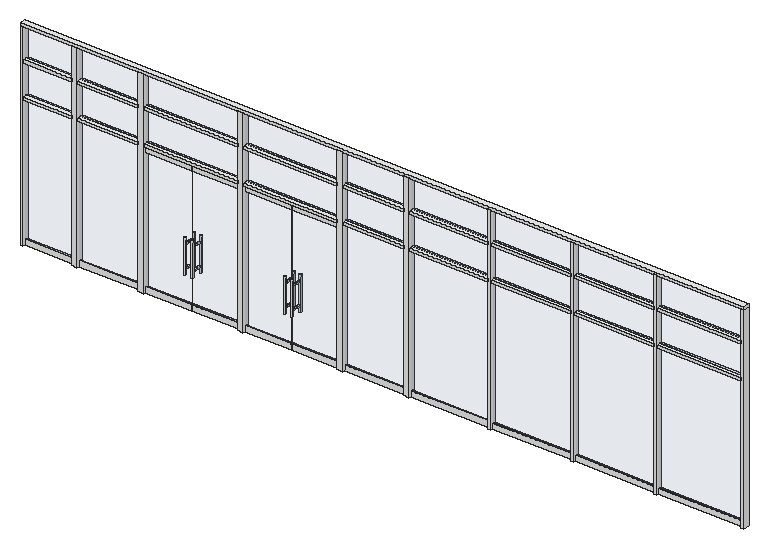
Revit family
Parameters
  프레임 투영 외부. = 25 mm
  프레임 투영 내부. = 25 mm
  프레임 폭 = 75 mm
  Height = 3600 mm
  Wall Closure = (empty or 0)
  Width = 13080 mm
  문 폭 = 1800 mm
  문 두께 = 100 mm
  문 패널 = SSD6 문 패널
  문 높이 = 2400 mm
  문 핸들 = 금속 - 크롬(2)
  문 프레임 = SSD6 문 프레임
Reference planes
  plane 1: y = 0
  plane 2 "왼쪽": x = -7765
  plane 3 "오른쪽": x = 5315
  plane 4: z = 3600
  plane 5 "외부": y = 75
  plane 6 "내부": y = -75
  plane 7: x = -7715
  plane 8: y = 50
  plane 9: y = -50
  plane 10: z = 3550
  plane 11: z = 2375
  plane 12: z = 2425
  plane 13: z = 2275
  plane 14: z = 100
  plane 15: y = 6
  plane 16: y = -6
  plane 17: y = 16
  plane 18: y = -16
  plane 19: x = -1225
  plane 20: z = 600
  plane 21: z = 1200
  plane 22: z = 2400
  plane 23: z = 3000
  plane 24: z = 2975
  plane 25: z = 3025
  plane 26: x = -1985
  plane 27: x = -7715
  plane 28: x = -2035
  plane 29: x = -2820
  plane 30: x = -2950
  plane 31: x = -3785
  plane 32: x = -4685
  plane 33: x = -4620
  plane 34: x = -4750
  plane 35: x = -5535
  plane 36: x = -5585
  plane 37: x = -2885
  plane 38: x = -6785
  plane 39: x = -5635
  plane 40: x = -785
  plane 41: x = 715
  plane 42: x = 2215
  plane 43: x = 3715
  plane 44: x = -1935
  plane 45: x = -3835
  plane 46: x = -3735
  plane 47: x = -735
  plane 48: x = -835
  plane 49: x = 690
  plane 50: x = 740
  plane 51: x = 2190
  plane 52: x = 2240
  plane 53: x = 3740
  plane 54: x = 3690
  plane 55: x = 5265
  plane 56: x = -6835
  plane 57: x = -6735
Forms (mm)
  Extrusion 1, solid, material "SSD6 문 프레임" <- "문 프레임"
    sketch origin (-2581.693, 300, 3000) x (0, 1, 0) y (1, 0, 0)
      loop
        line (-250, -5183.307) -> (-250, -5133.307) -> (-350, -5133.307) -> (-350, -5183.307) -> (-250, -5183.307)
      loop
        line (-250, -4253.307) -> (-250, -4153.307) -> (-350, -4153.307) -> (-350, -4253.307) -> (-250, -4253.307)
      loop
        line (-250, -3053.307) -> (-250, -2953.307) -> (-350, -2953.307) -> (-350, -3053.307) -> (-250, -3053.307)
      loop
        line (-250, -1253.307) -> (-250, -1153.307) -> (-350, -1153.307) -> (-350, -1253.307) -> (-250, -1253.307)
      loop
        line (-250, 546.693) -> (-250, 646.693) -> (-350, 646.693) -> (-350, 546.693) -> (-250, 546.693)
      loop
        line (-250, 1746.693) -> (-250, 1846.693) -> (-350, 1846.693) -> (-350, 1746.693) -> (-250, 1746.693)
      loop
        line (-250, 3271.693) -> (-250, 3321.693) -> (-350, 3321.693) -> (-350, 3271.693) -> (-250, 3271.693)
      loop
        line (-250, 4771.693) -> (-250, 4821.693) -> (-350, 4821.693) -> (-350, 4771.693) -> (-250, 4771.693)
      loop
        line (-250, 6271.693) -> (-250, 6321.693) -> (-350, 6321.693) -> (-350, 6271.693) -> (-250, 6271.693)
      loop
        line (-250, 7846.693) -> (-250, 7896.693) -> (-350, 7896.693) -> (-350, 7846.693) -> (-250, 7846.693)
    from -550 to 3000
  Extrusion 2, solid, material "SSD6 문 프레임" <- "문 프레임"
    sketch origin (-2581.693, 300, 3000) x (0, 1, 0) y (1, 0, 0)
      loop
        line (-250, -5183.307) -> (-250, 7896.693) -> (-350, 7896.693) -> (-350, -5183.307) -> (-250, -5183.307)
    from -600 to -550
  Extrusion 3, solid, material "SSD6 문 프레임" <- "문 프레임"
    sketch origin (3388.377, 300, 100) x (1, 0, 0) y (0, 1, 0)
      loop
        line (-11103.377, -284) -> (-11103.377, -294) -> (-10223.377, -294) -> (-10223.377, -284) -> (-11103.377, -284)
      loop
        line (-11103.377, -316) -> (-10223.377, -316) -> (-10223.377, -306) -> (-11103.377, -306) -> (-11103.377, -316)
    from -100 to 0
  Extrusion 4, solid, material "SSD6 문 프레임" <- "문 프레임"
    sketch origin (3388.377, 300, 100) x (1, 0, 0) y (0, 1, 0)
      loop
        line (-10123.377, -294) -> (-9023.377, -294) -> (-9023.377, -284) -> (-10123.377, -284) -> (-10123.377, -294)
      loop
        line (-10123.377, -316) -> (-9023.377, -316) -> (-9023.377, -306) -> (-10123.377, -306) -> (-10123.377, -316)
    from -100 to 0
  Extrusion 5, solid, material "SSD6 문 프레임" <- "문 프레임"
    sketch origin (3388.377, 300, 100) x (1, 0, 0) y (0, 1, 0)
      loop
        line (-8923.377, -294) -> (-8073.377, -294) -> (-8073.377, -284) -> (-8923.377, -284) -> (-8923.377, -294)
      loop
        line (-8923.377, -316) -> (-8073.377, -316) -> (-8073.377, -306) -> (-8923.377, -306) -> (-8923.377, -316)
    from -100 to 0
  Extrusion 6, solid, material "SSD6 문 프레임" <- "문 프레임"
    sketch origin (3388.377, 300, 100) x (1, 0, 0) y (0, 1, 0)
      loop
        line (-8073.377, -294) -> (-7223.377, -294) -> (-7223.377, -284) -> (-8073.377, -284) -> (-8073.377, -294)
      loop
        line (-8073.377, -316) -> (-7223.377, -316) -> (-7223.377, -306) -> (-8073.377, -306) -> (-8073.377, -316)
    from -100 to 0
  Extrusion 7, solid, material "SSD6 문 프레임" <- "문 프레임"
    sketch origin (3388.377, 300, 100) x (1, 0, 0) y (0, 1, 0)
      loop
        line (-7123.377, -294) -> (-6273.377, -294) -> (-6273.377, -284) -> (-7123.377, -284) -> (-7123.377, -294)
      loop
        line (-7123.377, -316) -> (-6273.377, -316) -> (-6273.377, -306) -> (-7123.377, -306) -> (-7123.377, -316)
    from -100 to 0
  Extrusion 8, solid, material "SSD6 문 프레임" <- "문 프레임"
    sketch origin (3388.377, 300, 100) x (1, 0, 0) y (0, 1, 0)
      loop
        line (-6273.377, -294) -> (-5423.377, -294) -> (-5423.377, -284) -> (-6273.377, -284) -> (-6273.377, -294)
      loop
        line (-6273.377, -306) -> (-6273.377, -316) -> (-5423.377, -316) -> (-5423.377, -306) -> (-6273.377, -306)
    from -100 to 0
  Extrusion 9, solid, material "SSD6 문 프레임" <- "문 프레임"
    sketch origin (3388.377, 300, 100) x (1, 0, 0) y (0, 1, 0)
      loop
        line (-5323.377, -284) -> (-5323.377, -294) -> (-4223.377, -294) -> (-4223.377, -284) -> (-5323.377, -284)
      loop
        line (-5323.377, -316) -> (-4223.377, -316) -> (-4223.377, -306) -> (-5323.377, -306) -> (-5323.377, -316)
    from -100 to 0
  Extrusion 10, solid, material "SSD6 문 프레임" <- "문 프레임"
    sketch origin (3388.377, 300, 100) x (1, 0, 0) y (0, 1, 0)
      loop
        line (-4123.377, -294) -> (-2698.377, -294) -> (-2698.377, -284) -> (-4123.377, -284) -> (-4123.377, -294)
      loop
        line (-4123.377, -316) -> (-2698.377, -316) -> (-2698.377, -306) -> (-4123.377, -306) -> (-4123.377, -316)
    from -100 to 0
  Extrusion 11, solid, material "SSD6 문 프레임" <- "문 프레임"
    sketch origin (3388.377, 300, 100) x (1, 0, 0) y (0, 1, 0)
      loop
        line (-2648.377, -294) -> (-1198.377, -294) -> (-1198.377, -284) -> (-2648.377, -284) -> (-2648.377, -294)
      loop
        line (-2648.377, -316) -> (-1198.377, -316) -> (-1198.377, -306) -> (-2648.377, -306) -> (-2648.377, -316)
    from -100 to 0
  Extrusion 12, solid, material "SSD6 문 프레임" <- "문 프레임"
    sketch origin (3388.377, 300, 100) x (1, 0, 0) y (0, 1, 0)
      loop
        line (-1148.377, -294) -> (301.623, -294) -> (301.623, -284) -> (-1148.377, -284) -> (-1148.377, -294)
      loop
        line (-1148.377, -316) -> (301.623, -316) -> (301.623, -306) -> (-1148.377, -306) -> (-1148.377, -316)
    from -100 to 0
  Extrusion 13, solid, material "SSD6 문 프레임" <- "문 프레임"
    sketch origin (3388.377, 300, 100) x (1, 0, 0) y (0, 1, 0)
      loop
        line (351.623, -294) -> (1876.623, -294) -> (1876.623, -284) -> (351.623, -284) -> (351.623, -294)
      loop
        line (351.623, -316) -> (1876.623, -316) -> (1876.623, -306) -> (351.623, -306) -> (351.623, -316)
    from -100 to 0
  Extrusion 14, solid, material "SSD6 문 패널" <- "문 패널"
    sketch origin (3388.377, 300, 100) x (1, 0, 0) y (0, 1, 0)
      loop
        line (-11103.377, -294) -> (-11103.377, -306) -> (-10223.377, -306) -> (-10223.377, -294) -> (-11103.377, -294)
      loop
        line (-10123.377, -306) -> (-9023.377, -306) -> (-9023.377, -294) -> (-10123.377, -294) -> (-10123.377, -306)
      loop
        line (-5323.377, -306) -> (-4223.377, -306) -> (-4223.377, -294) -> (-5323.377, -294) -> (-5323.377, -306)
      loop
        line (-4123.377, -306) -> (-2698.377, -306) -> (-2698.377, -294) -> (-4123.377, -294) -> (-4123.377, -306)
      loop
        line (-2648.377, -306) -> (-1198.377, -306) -> (-1198.377, -294) -> (-2648.377, -294) -> (-2648.377, -306)
      loop
        line (-1148.377, -306) -> (301.623, -306) -> (301.623, -294) -> (-1148.377, -294) -> (-1148.377, -306)
      loop
        line (351.623, -306) -> (1876.623, -306) -> (1876.623, -294) -> (351.623, -294) -> (351.623, -306)
    from -100 to 2275
  Extrusion 15, solid, material "SSD6 문 패널" <- "문 패널"
    sketch origin (3388.377, 300, 100) x (1, 0, 0) y (0, 1, 0)
      loop
        line (-8923.377, -306) -> (-8073.377, -306) -> (-8073.377, -294) -> (-8923.377, -294) -> (-8923.377, -306)
    from -100 to 2275
  Extrusion 16, solid, material "SSD6 문 패널" <- "문 패널"
    sketch origin (3388.377, 300, 100) x (1, 0, 0) y (0, 1, 0)
      loop
        line (-8073.377, -306) -> (-7223.377, -306) -> (-7223.377, -294) -> (-8073.377, -294) -> (-8073.377, -306)
    from -100 to 2275
  Extrusion 17, solid, material "SSD6 문 패널" <- "문 패널"
    sketch origin (3388.377, 300, 100) x (1, 0, 0) y (0, 1, 0)
      loop
        line (-7123.377, -294) -> (-7123.377, -306) -> (-6273.377, -306) -> (-6273.377, -294) -> (-7123.377, -294)
    from -100 to 2275
  Extrusion 18, solid, material "SSD6 문 패널" <- "문 패널"
    sketch origin (3388.377, 300, 100) x (1, 0, 0) y (0, 1, 0)
      loop
        line (-6273.377, -306) -> (-5423.377, -306) -> (-5423.377, -294) -> (-6273.377, -294) -> (-6273.377, -306)
    from -100 to 2275
  Extrusion 19, solid, material "SSD6 문 프레임" <- "문 프레임"
    sketch origin (-2581.693, 300, 2275) x (0, 1, 0) y (1, 0, 0)
      loop
        line (-294, -2953.307) -> (-284, -2953.307) -> (-284, -2103.307) -> (-294, -2103.307) -> (-294, -2953.307)
      loop
        line (-316, -2953.307) -> (-306, -2953.307) -> (-306, -2103.307) -> (-316, -2103.307) -> (-316, -2953.307)
    from 0 to -100
  Extrusion 20, solid, material "SSD6 문 프레임" <- "문 프레임"
    sketch origin (-2581.693, 300, 2275) x (0, 1, 0) y (1, 0, 0)
      loop
        line (-294, -2103.307) -> (-284, -2103.307) -> (-284, -1253.307) -> (-294, -1253.307) -> (-294, -2103.307)
      loop
        line (-316, -2103.307) -> (-306, -2103.307) -> (-306, -1253.307) -> (-316, -1253.307) -> (-316, -2103.307)
    from 0 to -100
  Extrusion 21, solid, material "SSD6 문 프레임" <- "문 프레임"
    sketch origin (-2581.693, 300, 2275) x (0, 1, 0) y (1, 0, 0)
      loop
        line (-294, -1153.307) -> (-284, -1153.307) -> (-284, -303.307) -> (-294, -303.307) -> (-294, -1153.307)
      loop
        line (-316, -1153.307) -> (-306, -1153.307) -> (-306, -303.307) -> (-316, -303.307) -> (-316, -1153.307)
    from 0 to -100
  Extrusion 22, solid, material "SSD6 문 프레임" <- "문 프레임"
    sketch origin (-2581.693, 300, 2275) x (0, 1, 0) y (1, 0, 0)
      loop
        line (-294, -303.307) -> (-284, -303.307) -> (-284, 546.693) -> (-294, 546.693) -> (-294, -303.307)
      loop
        line (-316, -303.307) -> (-306, -303.307) -> (-306, 546.693) -> (-316, 546.693) -> (-316, -303.307)
    from 0 to -100
  Extrusion 23, solid, material "SSD6 문 프레임" <- "문 프레임"
    sketch origin (-2581.693, 300, 2425) x (0, 1, 0) y (1, 0, 0)
      loop
        line (-250, -5133.307) -> (-250, -4253.307) -> (-350, -4253.307) -> (-350, -5133.307) -> (-250, -5133.307)
      loop
        line (-350, -4153.307) -> (-250, -4153.307) -> (-250, -3053.307) -> (-350, -3053.307) -> (-350, -4153.307)
      loop
        line (-350, -2953.307) -> (-250, -2953.307) -> (-250, -1253.307) -> (-350, -1253.307) -> (-350, -2953.307)
      loop
        line (-350, -1153.307) -> (-250, -1153.307) -> (-250, 546.693) -> (-350, 546.693) -> (-350, -1153.307)
      loop
        line (-350, 646.693) -> (-250, 646.693) -> (-250, 1746.693) -> (-350, 1746.693) -> (-350, 646.693)
      loop
        line (-350, 1846.693) -> (-250, 1846.693) -> (-250, 3271.693) -> (-350, 3271.693) -> (-350, 1846.693)
      loop
        line (-350, 3321.693) -> (-250, 3321.693) -> (-250, 4771.693) -> (-350, 4771.693) -> (-350, 3321.693)
      loop
        line (-350, 4821.693) -> (-250, 4821.693) -> (-250, 6271.693) -> (-350, 6271.693) -> (-350, 4821.693)
      loop
        line (-350, 6321.693) -> (-250, 6321.693) -> (-250, 7846.693) -> (-350, 7846.693) -> (-350, 6321.693)
    from 0 to 50
  Extrusion 24, solid, material "SSD6 문 패널" <- "문 패널"
    sketch origin (-2581.693, 300, 2975) x (0, 1, 0) y (1, 0, 0)
      loop
        line (-306, -5133.307) -> (-294, -5133.307) -> (-294, -4253.307) -> (-306, -4253.307) -> (-306, -5133.307)
      loop
        line (-306, -4153.307) -> (-294, -4153.307) -> (-294, -3053.307) -> (-306, -3053.307) -> (-306, -4153.307)
      loop
        line (-306, -2953.307) -> (-294, -2953.307) -> (-294, -1253.307) -> (-306, -1253.307) -> (-306, -2953.307)
      loop
        line (-306, -1153.307) -> (-294, -1153.307) -> (-294, 546.693) -> (-306, 546.693) -> (-306, -1153.307)
      loop
        line (-306, 646.693) -> (-294, 646.693) -> (-294, 1746.693) -> (-306, 1746.693) -> (-306, 646.693)
      loop
        line (-306, 1846.693) -> (-294, 1846.693) -> (-294, 3271.693) -> (-306, 3271.693) -> (-306, 1846.693)
      loop
        line (-306, 3321.693) -> (-294, 3321.693) -> (-294, 4771.693) -> (-306, 4771.693) -> (-306, 3321.693)
      loop
        line (-306, 4821.693) -> (-294, 4821.693) -> (-294, 6271.693) -> (-306, 6271.693) -> (-306, 4821.693)
      loop
        line (-306, 6321.693) -> (-294, 6321.693) -> (-294, 7846.693) -> (-306, 7846.693) -> (-306, 6321.693)
    from 0 to 550
  Extrusion 25, solid, material "SSD6 문 프레임" <- "문 프레임"
    sketch origin (-2581.693, 300, 3025) x (0, 1, 0) y (1, 0, 0)
      loop
        line (-350, -5133.307) -> (-250, -5133.307) -> (-250, -4253.307) -> (-350, -4253.307) -> (-350, -5133.307)
      loop
        line (-350, -4153.307) -> (-250, -4153.307) -> (-250, -3053.307) -> (-350, -3053.307) -> (-350, -4153.307)
      loop
        line (-350, -2953.307) -> (-250, -2953.307) -> (-250, -1253.307) -> (-350, -1253.307) -> (-350, -2953.307)
      loop
        line (-350, -1153.307) -> (-250, -1153.307) -> (-250, 546.693) -> (-350, 546.693) -> (-350, -1153.307)
      loop
        line (-350, 646.693) -> (-250, 646.693) -> (-250, 1746.693) -> (-350, 1746.693) -> (-350, 646.693)
      loop
        line (-350, 1846.693) -> (-250, 1846.693) -> (-250, 3271.693) -> (-350, 3271.693) -> (-350, 1846.693)
      loop
        line (-350, 3321.693) -> (-250, 3321.693) -> (-250, 4771.693) -> (-350, 4771.693) -> (-350, 3321.693)
      loop
        line (-350, 4821.693) -> (-250, 4821.693) -> (-250, 6271.693) -> (-350, 6271.693) -> (-350, 4821.693)
      loop
        line (-350, 6321.693) -> (-250, 6321.693) -> (-250, 7846.693) -> (-350, 7846.693) -> (-350, 6321.693)
    from 0 to 50
  Extrusion 26, solid, material "SSD6 문 패널" <- "문 패널"
    sketch origin (-2581.693, 300, 3550) x (0, 1, 0) y (1, 0, 0)
      loop
        line (-306, -5133.307) -> (-294, -5133.307) -> (-294, -4253.307) -> (-306, -4253.307) -> (-306, -5133.307)
      loop
        line (-306, -4153.307) -> (-294, -4153.307) -> (-294, -3053.307) -> (-306, -3053.307) -> (-306, -4153.307)
      loop
        line (-306, -2953.307) -> (-294, -2953.307) -> (-294, -1253.307) -> (-306, -1253.307) -> (-306, -2953.307)
      loop
        line (-306, -1153.307) -> (-294, -1153.307) -> (-294, 546.693) -> (-306, 546.693) -> (-306, -1153.307)
      loop
        line (-306, 646.693) -> (-294, 646.693) -> (-294, 1746.693) -> (-306, 1746.693) -> (-306, 646.693)
      loop
        line (-306, 1846.693) -> (-294, 1846.693) -> (-294, 3271.693) -> (-306, 3271.693) -> (-306, 1846.693)
      loop
        line (-306, 3321.693) -> (-294, 3321.693) -> (-294, 4771.693) -> (-306, 4771.693) -> (-306, 3321.693)
      loop
        line (-306, 4821.693) -> (-294, 4821.693) -> (-294, 6271.693) -> (-306, 6271.693) -> (-306, 4821.693)
      loop
        line (-306, 6321.693) -> (-294, 6321.693) -> (-294, 7846.693) -> (-306, 7846.693) -> (-306, 6321.693)
    from 0 to 525
Lines and regions (mm)
  Opening 1
    outline origin (-3050, -75, 0) x (1, 0, 0) y (0, 0, 1)
      loop
        line (-4715, 0) -> (8365, 0) -> (8365, 3600) -> (-4715, 3600) -> (-4715, 0)
  symbolic lines, style "평면 스윙"
    curve 1: line (-5535, 0, 3550) -> (-5535, 850, 3550)
    curve 2: line (-5535, 850, 3550) -> (-5503, 850, 3550)
    curve 3: line (-5503, 850, 3550) -> (-5503, 0, 3550)
    curve 4: line (-5535, 0, 3550) -> (-5535, -850, 3550)
    curve 5: line (-5535, -850, 3550) -> (-5503, -850, 3550)
    curve 6: line (-5503, -850, 3550) -> (-5503, 0, 3550)
    curve 7: line (-3835, 0, 3550) -> (-3835, 850, 3550)
    curve 8: line (-3835, 850, 3550) -> (-3867, 850, 3550)
    curve 9: line (-3867, 850, 3550) -> (-3867, 0, 3550)
    curve 10: line (-3835, 0, 3550) -> (-3835, -850, 3550)
    curve 11: line (-3835, -850, 3550) -> (-3867, -850, 3550)
    curve 12: line (-3867, -850, 3550) -> (-3867, 0, 3550)
    curve 13: line (-3735, 0, 3550) -> (-3735, 850, 3550)
    curve 14: line (-3735, 850, 3550) -> (-3703, 850, 3550)
    curve 15: line (-3703, 850, 3550) -> (-3703, 0, 3550)
    curve 16: line (-3735, 0, 3550) -> (-3735, -850, 3550)
    curve 17: line (-3735, -850, 3550) -> (-3703, -850, 3550)
    curve 18: line (-3703, -850, 3550) -> (-3703, 0, 3550)
    curve 19: line (-2035, 0, 3550) -> (-2035, 850, 3550)
    curve 20: line (-2035, 850, 3550) -> (-2067, 850, 3550)
    curve 21: line (-2067, 850, 3550) -> (-2067, 0, 3550)
    curve 22: line (-2035, 0, 3550) -> (-2035, -850, 3550)
    curve 23: line (-2035, -850, 3550) -> (-2067, -850, 3550)
    curve 24: line (-2067, -850, 3550) -> (-2067, 0, 3550)
    curve 25: arc (-5503, 850, 3550) -> (-4922.541, 590.004, 3550) -> (-4685, 0, 3550) r 850
    curve 26: arc (-5503, -850, 3550) -> (-4922.541, -590.004, 3550) -> (-4685, 0, 3550) r 850
    curve 27: arc (-3867, 850, 3550) -> (-4447.459, 590.004, 3550) -> (-4685, 0, 3550) r 850
    curve 28: arc (-3867, -850, 3550) -> (-4447.459, -590.004, 3550) -> (-4685, 0, 3550) r 850
    curve 29: arc (-3703, 850, 3550) -> (-3122.541, 590.004, 3550) -> (-2885, 0, 3550) r 850
    curve 30: arc (-3703, -850, 3550) -> (-3122.541, -590.004, 3550) -> (-2885, 0, 3550) r 850
    curve 31: arc (-2067, 850, 3550) -> (-2647.459, 590.004, 3550) -> (-2885, 0, 3550) r 850
    curve 32: arc (-2067, -850, 3550) -> (-2647.459, -590.004, 3550) -> (-2885, 0, 3550) r 850
    curve 41: line (-6835, 50, 3550) -> (-6735, 50, 3550)
    curve 42: line (-6835, -50, 3550) -> (-6835, 50, 3550)
    curve 43: line (-6735, -50, 3550) -> (-6835, -50, 3550)
    curve 44: line (-6735, 50, 3550) -> (-6735, -50, 3550)
    curve 45: line (-7765, 50, 3550) -> (-7715, 50, 3550)
    curve 46: line (-7765, -50, 3550) -> (-7765, 50, 3550)
    curve 47: line (-7715, -50, 3550) -> (-7765, -50, 3550)
    curve 48: line (-7715, 50, 3550) -> (-7715, -50, 3550)
    curve 49: line (-5635, 50, 3550) -> (-5535, 50, 3550)
    curve 50: line (-5635, -50, 3550) -> (-5635, 50, 3550)
    curve 51: line (-5535, -50, 3550) -> (-5635, -50, 3550)
    curve 52: line (-7715, 50, 3550) -> (-6835, 50, 3550)
    curve 53: line (-7715, -50, 3550) -> (-6835, -50, 3550)
    curve 54: line (-7765, 0, 3550) -> (-6835, 0, 3550)
    curve 55: line (-6735, 50, 3550) -> (-5635, 50, 3550)
    curve 56: line (-6735, -50, 3550) -> (-5635, -50, 3550)
    curve 57: line (-6735, 0, 3550) -> (-5635, 0, 3550)
    curve 58: line (-3835, 50, 3550) -> (-3735, 50, 3550)
    curve 59: line (-3835, -50, 3550) -> (-3735, -50, 3550)
    curve 60: line (-2035, 50, 3550) -> (-1935, 50, 3550)
    curve 61: line (-2035, -50, 3550) -> (-1935, -50, 3550)
    curve 62: line (-1935, 50, 3550) -> (-1935, -50, 3550)
    curve 63: line (-835, 50, 3550) -> (-735, 50, 3550)
    curve 64: line (-835, -50, 3550) -> (-835, 50, 3550)
    curve 65: line (-735, -50, 3550) -> (-835, -50, 3550)
    curve 66: line (-735, 50, 3550) -> (-735, -50, 3550)
    curve 67: line (690, 50, 3550) -> (740, 50, 3550)
    curve 68: line (690, -50, 3550) -> (690, 50, 3550)
    curve 69: line (740, -50, 3550) -> (690, -50, 3550)
    curve 70: line (740, 50, 3550) -> (740, -50, 3550)
    curve 71: line (2190, 50, 3550) -> (2240, 50, 3550)
    curve 72: line (2190, -50, 3550) -> (2190, 50, 3550)
    curve 73: line (2240, -50, 3550) -> (2190, -50, 3550)
    curve 74: line (2240, 50, 3550) -> (2240, -50, 3550)
    curve 75: line (3690, 50, 3550) -> (3740, 50, 3550)
    curve 76: line (3690, -50, 3550) -> (3690, 50, 3550)
    curve 77: line (3740, -50, 3550) -> (3690, -50, 3550)
    curve 78: line (3740, 50, 3550) -> (3740, -50, 3550)
    curve 79: line (5265, 50, 3550) -> (5315, 50, 3550)
    curve 80: line (5265, -50, 3550) -> (5265, 50, 3550)
    curve 81: line (5315, -50, 3550) -> (5265, -50, 3550)
    curve 82: line (5315, 50, 3550) -> (5315, -50, 3550)
    curve 83: line (5265, 50, 3550) -> (3740, 50, 3550)
    curve 84: line (3740, -50, 3550) -> (5265, -50, 3550)
    curve 85: line (3740, 0, 3550) -> (5265, 0, 3550)
    curve 86: line (3690, 50, 3550) -> (2240, 50, 3550)
    curve 87: line (3690, -50, 3550) -> (2240, -50, 3550)
    curve 88: line (3690, 0, 3550) -> (2240, 0, 3550)
    curve 89: line (2190, 50, 3550) -> (740, 50, 3550)
    curve 90: line (2190, 0, 3550) -> (740, 0, 3550)
    curve 91: line (2190, -50, 3550) -> (740, -50, 3550)
    curve 92: line (690, 50, 3550) -> (-735, 50, 3550)
    curve 93: line (690, -50, 3550) -> (-735, -50, 3550)
    curve 94: line (690, 0, 3550) -> (-735, 0, 3550)
    curve 95: line (-835, 50, 3550) -> (-1935, 50, 3550)
    curve 96: line (-835, 0, 3550) -> (-1935, 0, 3550)
    curve 97: line (-835, -50, 3550) -> (-1935, -50, 3550)
  symbolic lines, style "입면도 스윙"
    curve 33: line (-2885, 0, 2375) -> (-2035, 0, 1200)
    curve 34: line (-2035, 0, 1200) -> (-2885, 0, 0)
    curve 35: line (-2885, 0, 0) -> (-3735, 0, 1200)
    curve 36: line (-3735, 0, 1200) -> (-2885, 0, 2375)
    curve 37: line (-4685, 0, 0) -> (-3835, 0, 1200)
    curve 38: line (-3835, 0, 1200) -> (-4685, 0, 2375)
    curve 39: line (-4685, 0, 2375) -> (-5535, 0, 1200)
    curve 40: line (-5535, 0, 1200) -> (-4685, 0, 0)
Text (mm)
  text "외부" at (-2295.016, 1099.543, 0), in view "참조 레벨"
  text "외부" at (0, 1615.38, 3698.081), in view "왼쪽"
  text "외부" at (0, 1036.032, 3874.932), in view "오른쪽"
Dimensions and locks
  plane 2 "왼쪽" to plane 3 "오른쪽" = 13080 mm
  "Width": plane 2 "왼쪽" to plane 3 "오른쪽"
  "Height": plane 4 to host wall
  "문 높이": host wall to plane 22
  host wall to plane 4 = 3600 mm
  locked: plane 5 "외부" to host wall at 0
  locked: plane 6 "내부" to host wall
  locked: plane 2 "왼쪽" to plane 7 at 50
  "문 두께": plane 8 to plane 9
  locked: plane 10 to plane 4 at 50
  locked: plane 11 to plane 12 at 50
  locked: plane 13 to plane 11 at 100
  locked: level to plane 14 at 100
  plane 15 to host wall to plane 16 = 6 mm locked, 6 mm locked
  locked: plane 16 to plane 18 at 10
  locked: plane 17 to plane 15 at 10
  locked: level to plane 21 at 1200
  locked: plane 11 to plane 22 at 25
  equal spacing: plane 22, plane 23, plane 4
  plane 24 to plane 23 to plane 25 = 25 mm locked, 25 mm locked
  equal spacing: plane 2 "왼쪽", plane 19, plane 3 "오른쪽"
  plane 33 to plane 32 to plane 34 = 65 mm locked, 65 mm locked
  plane 29 to plane 37 to plane 30 = 65 mm locked, 65 mm locked
  locked: plane 2 "왼쪽" to plane 38 at 980
  locked: plane 38 to plane 36 at 1200
  plane 39 to plane 36 to plane 35 = 50 mm locked, 50 mm locked
  "문 폭": plane 36 to plane 31
  "문 폭": plane 31 to plane 26
  equal spacing: plane 36, plane 32, plane 31
  equal spacing: plane 31, plane 37, plane 26
  locked: plane 26 to plane 40 at 1200
  locked: plane 40 to plane 41 at 1500
  locked: plane 41 to plane 42 at 1500
  locked: plane 42 to plane 43 at 1500
  plane 45 to plane 31 to plane 46 = 50 mm locked, 50 mm locked
  plane 28 to plane 26 to plane 44 = 50 mm locked, 50 mm locked
  locked: plane 55 to plane 3 "오른쪽" at 50
  plane 54 to plane 43 to plane 53 = 25 mm locked, 25 mm locked
  plane 51 to plane 42 to plane 52 = 25 mm locked, 25 mm locked
  plane 49 to plane 41 to plane 50 = 25 mm locked, 25 mm locked
  plane 48 to plane 40 to plane 47 = 50 mm locked, 50 mm locked
  plane 56 to plane 38 to plane 57 = 50 mm locked, 50 mm locked
  equal spacing: plane 8, plane 1, plane 9
  curve 4 to curve 6 = 32 mm
  curve 12 to curve 10 = 32 mm
  curve 16 to curve 18 = 32 mm
  curve 24 to curve 22 = 32 mm
  aligned and locked: plane 2 "왼쪽" to Opening 1 sketch curve
  aligned and locked: plane 4 to Opening 1 sketch curve  (x2)
  aligned and locked: Opening 1 sketch curve to plane 3 "오른쪽"
  aligned and locked: Opening 1 sketch curve to level
  aligned and locked: host wall to plane 1
  aligned and locked: plane 2 "왼쪽" to Extrusion 1 sketch curve
  aligned and locked: plane 8 to Extrusion 1 sketch curve  (x10)
  aligned and locked: plane 9 to Extrusion 1 sketch curve  (x9)
  aligned and locked: Extrusion 1 sketch curve to plane 7
  aligned and locked: plane 56 to Extrusion 1 sketch curve
  aligned and locked: Extrusion 1 sketch curve to plane 57
  aligned and locked: plane 39 to Extrusion 1 sketch curve
  aligned and locked: Extrusion 1 sketch curve to plane 35
  aligned and locked: plane 45 to Extrusion 1 sketch curve
  aligned and locked: plane 46 to Extrusion 1 sketch curve
  aligned and locked: plane 28 to Extrusion 1 sketch curve
  aligned and locked: Extrusion 1 sketch curve to plane 44
  aligned and locked: plane 48 to Extrusion 1 sketch curve
  aligned and locked: Extrusion 1 sketch curve to plane 47
  aligned and locked: plane 49 to Extrusion 1 sketch curve
  aligned and locked: Extrusion 1 sketch curve to plane 50
  aligned and locked: plane 51 to Extrusion 1 sketch curve
  aligned and locked: Extrusion 1 sketch curve to plane 52
  aligned and locked: plane 54 to Extrusion 1 sketch curve
  aligned and locked: Extrusion 1 sketch curve to plane 53
  aligned and locked: plane 55 to Extrusion 1 sketch curve
  aligned and locked: Extrusion 1 sketch curve to plane 3 "오른쪽"
  aligned and locked: Extrusion 1 to level
  aligned and locked: Extrusion 1 to plane 10
  aligned and locked: Extrusion 1 to Extrusion 2 sketch curve
  aligned and locked: Extrusion 2 sketch curve to Extrusion 1  (x3)
  aligned and locked: Extrusion 2 to host wall
  aligned and locked: plane 10 to Extrusion 2
  aligned and locked: plane 7 to Extrusion 3 sketch curve
  aligned and locked: Extrusion 3 sketch curve to plane 17
  aligned and locked: plane 15 to Extrusion 3 sketch curve
  aligned and locked: plane 56 to Extrusion 3 sketch curve
  aligned and locked: Extrusion 3 sketch curve to plane 18
  aligned and locked: plane 16 to Extrusion 3 sketch curve
  aligned and locked: Extrusion 3 sketch curve to plane 56
  aligned and locked: plane 57 to Extrusion 4 sketch curve  (x2)
  aligned and locked: Extrusion 4 sketch curve to plane 15
  aligned and locked: plane 17 to Extrusion 4 sketch curve
  aligned and locked: plane 39 to Extrusion 4 sketch curve  (x2)
  aligned and locked: Extrusion 4 sketch curve to plane 18
  aligned and locked: plane 16 to Extrusion 4 sketch curve
  aligned and locked: plane 35 to Extrusion 5 sketch curve  (x2)
  aligned and locked: Extrusion 5 sketch curve to plane 15
  aligned and locked: plane 17 to Extrusion 5 sketch curve
  aligned and locked: plane 32 to Extrusion 5 sketch curve  (x2)
  aligned and locked: Extrusion 5 sketch curve to plane 18
  aligned and locked: plane 16 to Extrusion 5 sketch curve
  aligned and locked: Extrusion 6 sketch curve to Extrusion 5  (x2)
  aligned and locked: Extrusion 5 to Extrusion 6 sketch curve  (x2)
  aligned and locked: plane 17 to Extrusion 6 sketch curve
  aligned and locked: plane 45 to Extrusion 6 sketch curve  (x2)
  aligned and locked: plane 16 to Extrusion 6 sketch curve
  aligned and locked: plane 46 to Extrusion 7 sketch curve  (x2)
  aligned and locked: Extrusion 7 sketch curve to plane 15
  aligned and locked: plane 17 to Extrusion 7 sketch curve
  aligned and locked: plane 37 to Extrusion 7 sketch curve  (x2)
  aligned and locked: Extrusion 7 sketch curve to plane 18
  aligned and locked: plane 16 to Extrusion 7 sketch curve
  aligned and locked: Extrusion 8 sketch curve to Extrusion 7  (x2)
  aligned and locked: Extrusion 7 to Extrusion 8 sketch curve  (x2)
  aligned and locked: plane 17 to Extrusion 8 sketch curve
  aligned and locked: plane 28 to Extrusion 8 sketch curve
  aligned and locked: plane 18 to Extrusion 8 sketch curve
  aligned and locked: Extrusion 8 sketch curve to plane 28
  aligned and locked: plane 44 to Extrusion 9 sketch curve  (x2)
  aligned and locked: Extrusion 9 sketch curve to plane 17
  aligned and locked: plane 15 to Extrusion 9 sketch curve
  aligned and locked: plane 48 to Extrusion 9 sketch curve
  aligned and locked: plane 16 to Extrusion 9 sketch curve
  aligned and locked: Extrusion 9 sketch curve to plane 48
  aligned and locked: plane 47 to Extrusion 10 sketch curve  (x2)
  aligned and locked: Extrusion 10 sketch curve to plane 15
  aligned and locked: plane 17 to Extrusion 10 sketch curve
  aligned and locked: Extrusion 10 sketch curve to plane 49  (x2)
  aligned and locked: Extrusion 10 sketch curve to plane 18
  aligned and locked: plane 16 to Extrusion 10 sketch curve
  aligned and locked: plane 50 to Extrusion 11 sketch curve  (x2)
  aligned and locked: Extrusion 11 sketch curve to plane 15
  aligned and locked: plane 17 to Extrusion 11 sketch curve
  aligned and locked: Extrusion 11 sketch curve to plane 51  (x2)
  aligned and locked: Extrusion 11 sketch curve to plane 18
  aligned and locked: plane 16 to Extrusion 11 sketch curve
  aligned and locked: plane 52 to Extrusion 12 sketch curve  (x2)
  aligned and locked: Extrusion 12 sketch curve to plane 15
  aligned and locked: plane 17 to Extrusion 12 sketch curve
  aligned and locked: Extrusion 12 sketch curve to plane 54  (x2)
  aligned and locked: Extrusion 12 sketch curve to plane 18
  aligned and locked: plane 16 to Extrusion 12 sketch curve
  aligned and locked: plane 53 to Extrusion 13 sketch curve  (x2)
  aligned and locked: Extrusion 13 sketch curve to plane 15
  aligned and locked: plane 17 to Extrusion 13 sketch curve
  aligned and locked: Extrusion 13 sketch curve to plane 55  (x2)
  aligned and locked: Extrusion 13 sketch curve to plane 18
  aligned and locked: plane 16 to Extrusion 13 sketch curve
  aligned and locked: Extrusion 1 to Extrusion 13
  aligned and locked: plane 14 to Extrusion 13
  aligned and locked: Extrusion 12 to level
  aligned and locked: plane 14 to Extrusion 12
  aligned and locked: Extrusion 11 to level
  aligned and locked: plane 14 to Extrusion 11
  aligned and locked: Extrusion 10 to level
  aligned and locked: plane 14 to Extrusion 10
  aligned and locked: Extrusion 9 to level
  aligned and locked: plane 14 to Extrusion 9
  aligned and locked: Extrusion 7 to level
  aligned and locked: plane 14 to Extrusion 7
  aligned and locked: Extrusion 8 to level
  aligned and locked: plane 14 to Extrusion 8
  aligned and locked: Extrusion 6 to level
  aligned and locked: plane 14 to Extrusion 6
  aligned and locked: Extrusion 5 to level
  aligned and locked: plane 14 to Extrusion 5
  aligned and locked: Extrusion 4 to level
  aligned and locked: plane 14 to Extrusion 4
  aligned and locked: Extrusion 3 to level
  aligned and locked: plane 14 to Extrusion 3
  aligned and locked: Extrusion 3 to Extrusion 14 sketch curve
  aligned and locked: Extrusion 14 sketch curve to Extrusion 3  (x3)
  aligned and locked: Extrusion 14 sketch curve to Extrusion 4  (x3)
  aligned and locked: Extrusion 4 to Extrusion 14 sketch curve
  aligned and locked: Extrusion 9 to Extrusion 14 sketch curve
  aligned and locked: Extrusion 14 sketch curve to Extrusion 9
  aligned and locked: plane 44 to Extrusion 14 sketch curve
  aligned and locked: Extrusion 14 sketch curve to plane 16
  aligned and locked: Extrusion 14 sketch curve to Extrusion 10  (x3)
  aligned and locked: Extrusion 10 to Extrusion 14 sketch curve
  aligned and locked: Extrusion 14 sketch curve to Extrusion 11  (x3)
  aligned and locked: Extrusion 11 to Extrusion 14 sketch curve
  aligned and locked: Extrusion 14 sketch curve to Extrusion 12  (x3)
  aligned and locked: Extrusion 12 to Extrusion 14 sketch curve
  aligned and locked: Extrusion 14 sketch curve to Extrusion 13  (x3)
  aligned and locked: Extrusion 13 to Extrusion 14 sketch curve
  aligned and locked: Extrusion 14 to level
  aligned and locked: Extrusion 14 to plane 11
  aligned and locked: Extrusion 15 sketch curve to Extrusion 5  (x3)
  aligned and locked: Extrusion 5 to Extrusion 15 sketch curve
  aligned and locked: Extrusion 16 sketch curve to Extrusion 15
  aligned and locked: Extrusion 16 sketch curve to Extrusion 6  (x2)
  aligned and locked: Extrusion 6 to Extrusion 16 sketch curve
  aligned and locked: Extrusion 7 to Extrusion 17 sketch curve
  aligned and locked: Extrusion 17 sketch curve to Extrusion 7  (x3)
  aligned and locked: Extrusion 18 sketch curve to Extrusion 17
  aligned and locked: Extrusion 18 sketch curve to Extrusion 7
  aligned and locked: Extrusion 8 to Extrusion 18 sketch curve
  aligned and locked: Extrusion 18 sketch curve to Extrusion 8
  aligned and locked: Extrusion 18 to level
  aligned and locked: Extrusion 17 to level
  aligned and locked: Extrusion 16 to level
  aligned and locked: Extrusion 15 to level
  aligned and locked: Extrusion 18 to plane 11
  aligned and locked: Extrusion 17 to plane 11
  aligned and locked: Extrusion 16 to plane 11
  aligned and locked: Extrusion 15 to plane 11
  aligned and locked: Extrusion 15 to Extrusion 19 sketch curve
  aligned and locked: Extrusion 19 sketch curve to Extrusion 5  (x4)
  aligned and locked: Extrusion 5 to Extrusion 19 sketch curve
  aligned and locked: Extrusion 6 to Extrusion 19 sketch curve
  aligned and locked: Extrusion 19 sketch curve to Extrusion 15
  aligned and locked: Extrusion 20 sketch curve to Extrusion 15
  aligned and locked: Extrusion 5 to Extrusion 20 sketch curve  (x2)
  aligned and locked: Extrusion 20 sketch curve to Extrusion 6  (x3)
  aligned and locked: Extrusion 20 sketch curve to Extrusion 5
  aligned and locked: Extrusion 20 sketch curve to Extrusion 16
  aligned and locked: Extrusion 17 to Extrusion 21 sketch curve
  aligned and locked: Extrusion 21 sketch curve to Extrusion 7  (x5)
  aligned and locked: Extrusion 7 to Extrusion 21 sketch curve
  aligned and locked: Extrusion 21 sketch curve to Extrusion 17
  aligned and locked: Extrusion 22 sketch curve to Extrusion 17
  aligned and locked: Extrusion 7 to Extrusion 22 sketch curve
  aligned and locked: Extrusion 22 sketch curve to Extrusion 8  (x4)
  aligned and locked: Extrusion 22 sketch curve to Extrusion 7
  aligned and locked: Extrusion 22 sketch curve to Extrusion 18
  aligned and locked: Extrusion 22 to plane 11
  aligned and locked: Extrusion 21 to plane 11
  aligned and locked: Extrusion 20 to plane 11
  aligned and locked: Extrusion 19 to plane 11
  aligned and locked: Extrusion 23 sketch curve to Extrusion 1  (x25)
  aligned and locked: Extrusion 1 to Extrusion 23 sketch curve  (x10)
  aligned and locked: plane 9 to Extrusion 23 sketch curve
  aligned and locked: plane 11 to Extrusion 23
  aligned and locked: Extrusion 24 sketch curve to Extrusion 14  (x14)
  aligned and locked: Extrusion 24 sketch curve to Extrusion 3
  aligned and locked: Extrusion 3 to Extrusion 24 sketch curve
  aligned and locked: Extrusion 24 sketch curve to Extrusion 4
  aligned and locked: Extrusion 4 to Extrusion 24 sketch curve
  aligned and locked: plane 35 to Extrusion 24 sketch curve
  aligned and locked: Extrusion 17 to Extrusion 24 sketch curve
  aligned and locked: Extrusion 24 sketch curve to Extrusion 17  (x2)
  aligned and locked: plane 45 to Extrusion 24 sketch curve
  aligned and locked: Extrusion 24 sketch curve to Extrusion 7
  aligned and locked: Extrusion 8 to Extrusion 24 sketch curve
  aligned and locked: Extrusion 24 sketch curve to Extrusion 18
  aligned and locked: Extrusion 9 to Extrusion 24 sketch curve
  aligned and locked: plane 44 to Extrusion 24 sketch curve
  aligned and locked: Extrusion 24 sketch curve to Extrusion 10
  aligned and locked: Extrusion 10 to Extrusion 24 sketch curve
  aligned and locked: Extrusion 24 sketch curve to Extrusion 11
  aligned and locked: Extrusion 11 to Extrusion 24 sketch curve
  aligned and locked: Extrusion 24 sketch curve to Extrusion 12
  aligned and locked: Extrusion 12 to Extrusion 24 sketch curve
  aligned and locked: Extrusion 24 sketch curve to Extrusion 13
  aligned and locked: Extrusion 13 to Extrusion 24 sketch curve
  aligned and locked: plane 12 to Extrusion 24
  aligned and locked: Extrusion 1 to Extrusion 25 sketch curve  (x9)
  aligned and locked: Extrusion 25 sketch curve to Extrusion 1  (x27)
  aligned and locked: plane 24 to Extrusion 25
  aligned and locked: Extrusion 26 sketch curve to Extrusion 14  (x13)
  aligned and locked: Extrusion 26 sketch curve to Extrusion 3
  aligned and locked: Extrusion 3 to Extrusion 26 sketch curve
  aligned and locked: Extrusion 26 sketch curve to Extrusion 4
  aligned and locked: Extrusion 4 to Extrusion 26 sketch curve
  aligned and locked: Extrusion 26 sketch curve to Extrusion 15
  aligned and locked: Extrusion 26 sketch curve to Extrusion 5
  aligned and locked: Extrusion 6 to Extrusion 26 sketch curve
  aligned and locked: Extrusion 26 sketch curve to Extrusion 16
  aligned and locked: Extrusion 26 sketch curve to Extrusion 17
  aligned and locked: Extrusion 26 sketch curve to Extrusion 7
  aligned and locked: Extrusion 8 to Extrusion 26 sketch curve
  aligned and locked: Extrusion 26 sketch curve to Extrusion 18
  aligned and locked: Extrusion 9 to Extrusion 26 sketch curve
  aligned and locked: Extrusion 26 sketch curve to Extrusion 10
  aligned and locked: Extrusion 10 to Extrusion 26 sketch curve
  aligned and locked: Extrusion 11 to Extrusion 26 sketch curve
  aligned and locked: plane 50 to Extrusion 26 sketch curve
  aligned and locked: Extrusion 26 sketch curve to Extrusion 12
  aligned and locked: Extrusion 12 to Extrusion 26 sketch curve
  aligned and locked: Extrusion 26 sketch curve to Extrusion 13
  aligned and locked: Extrusion 13 to Extrusion 26 sketch curve
  aligned and locked: plane 25 to Extrusion 26
  aligned and locked: plane 20 to nested 8
  aligned and locked: plane 20 to nested 7
  aligned and locked: plane 20 to nested 5
  aligned and locked: plane 20 to nested 6
  aligned and locked: nested 1 to plane 20
  aligned and locked: nested 2 to plane 20
  aligned and locked: nested 4 to plane 20
  aligned and locked: nested 3 to plane 20
  aligned and locked: nested 5 to plane 34
  aligned and locked: plane 34 to nested 1
  aligned and locked: nested 6 to plane 33
  aligned and locked: plane 33 to nested 2
  aligned and locked: nested 7 to plane 30
  aligned and locked: plane 30 to nested 3
  aligned and locked: nested 8 to plane 29
  aligned and locked: plane 29 to nested 4
  aligned and locked: Extrusion 1 to curve 41
  aligned and locked: curve 41 to Extrusion 1
  aligned and locked: curve 44 to Extrusion 1  (x2)
  aligned and locked: Extrusion 1 to curve 45
  aligned and locked: curve 45 to Extrusion 1
  aligned and locked: curve 48 to Extrusion 1  (x2)
  aligned and locked: Extrusion 1 to curve 49
  aligned and locked: curve 49 to Extrusion 1
  aligned and locked: curve 45 to curve 52
  aligned and locked: curve 54 to host wall
  aligned and locked: plane 2 "왼쪽" to curve 54
  aligned and locked: plane 56 to curve 54
  aligned and locked: curve 41 to curve 55
  aligned and locked: host wall to curve 57
  aligned and locked: curve 58 to Extrusion 1
  aligned and locked: curve 10 to curve 59
  aligned and locked: curve 59 to Extrusion 1
  aligned and locked: curve 22 to curve 61
  aligned and locked: curve 61 to Extrusion 1
  aligned and locked: curve 62 to Extrusion 1
  aligned and locked: Extrusion 1 to curve 63
  aligned and locked: curve 63 to Extrusion 1
  aligned and locked: curve 66 to Extrusion 1  (x2)
  aligned and locked: Extrusion 1 to curve 67
  aligned and locked: curve 67 to Extrusion 1
  aligned and locked: curve 70 to Extrusion 1  (x2)
  aligned and locked: Extrusion 1 to curve 71
  aligned and locked: curve 71 to Extrusion 1
  aligned and locked: curve 74 to Extrusion 1  (x2)
  aligned and locked: Extrusion 1 to curve 75
  aligned and locked: curve 75 to Extrusion 1
  aligned and locked: curve 78 to Extrusion 1  (x2)
  aligned and locked: Extrusion 1 to curve 79
  aligned and locked: curve 79 to Extrusion 1
  aligned and locked: curve 82 to Extrusion 1  (x2)
  aligned and locked: curve 85 to host wall
  aligned and locked: curve 77 to curve 87
  aligned and locked: host wall to curve 88
  aligned and locked: host wall to curve 90
  aligned and locked: curve 73 to curve 91
  aligned and locked: curve 69 to curve 93
  aligned and locked: host wall to curve 94
  aligned and locked: host wall to curve 96
  aligned and locked: curve 97 to plane 9
Automatic sketch dimensions
  Extrusion 1 sketch curve to plane 9 = 0 mm
  Extrusion 1 sketch curve to plane 8 = 0 mm  (x2)
  Extrusion 3 sketch curve to plane 7 = 0 mm
  Extrusion 9 sketch curve to plane 18 = 0 mm
  Extrusion 24 sketch curve to plane 15 = 0 mm
  Extrusion 26 sketch curve to plane 16 = 0 mm  (x2)
  curve 33 to plane 21 = 0 mm
  curve 33 to plane 28 = 0 mm
  curve 34 to level = 0 mm
  curve 34 to plane 37 = 0 mm
  curve 36 to plane 11 = 0 mm
  curve 36 to plane 37 = 0 mm
  curve 36 to plane 21 = 0 mm
  curve 36 to plane 46 = 0 mm
  curve 37 to plane 21 = 0 mm
  curve 37 to plane 45 = 0 mm
  curve 37 to level = 0 mm
  curve 37 to plane 32 = 0 mm
  curve 38 to plane 11 = 0 mm
  curve 38 to plane 32 = 0 mm
  curve 40 to plane 35 = 0 mm
  curve 39 to plane 21 = 0 mm
  curve 23 to plane 28 = 0 mm
  curve 4 to plane 35 = 0 mm
  curve 17 to plane 46 = 0 mm
  curve 11 to plane 45 = 0 mm
  curve 31 to host wall = 0 mm
  curve 3 to host wall = 0 mm
  curve 4 to host wall = 0 mm
  curve 7 to host wall = 0 mm
  curve 28 to host wall = 0 mm
  curve 9 to host wall = 0 mm
  curve 13 to host wall = 0 mm
  curve 15 to host wall = 0 mm
  curve 19 to host wall = 0 mm
  curve 21 to host wall = 0 mm
  curve 30 to plane 37 = 0 mm
  curve 25 to plane 32 = 0 mm
  host wall to curve 30 = 775 mm
  curve 10 to curve 16 = 0 mm
  host wall to curve 6 = 775 mm
  host wall to curve 22 = 775 mm
  curve 32 to plane 28 = 0 mm
  curve 28 to plane 45 = 0 mm
  curve 26 to plane 35 = 0 mm
  plane 46 to curve 30 = 0 mm
  curve 25 to plane 35 = 0 mm
  curve 31 to plane 28 = 0 mm
  plane 46 to curve 29 = 0 mm
  curve 27 to plane 45 = 0 mm
Nested families
  nested 1: "KO_문 손잡이 유형3" at (-4750, -16, 100), type "핸들 유형3 01 길이600"
  nested 2: "KO_문 손잡이 유형3" at (-4620, -16, 100), type "핸들 유형3 01 길이600"
  nested 3: "KO_문 손잡이 유형3" at (-2950, -16, 100), type "핸들 유형3 01 길이600"
  nested 4: "KO_문 손잡이 유형3" at (-2820, -16, 100), type "핸들 유형3 01 길이600"
  nested 5: "KO_문 손잡이 유형3" at (-4750, 16, 100), type "핸들 유형3 01 길이600"
  nested 6: "KO_문 손잡이 유형3" at (-4620, 16, 100), type "핸들 유형3 01 길이600"
  nested 7: "KO_문 손잡이 유형3" at (-2950, 16, 100), type "핸들 유형3 01 길이600"
  nested 8: "KO_문 손잡이 유형3" at (-2820, 16, 100), type "핸들 유형3 01 길이600"
Definition of nested family "KO_문 손잡이 유형3"
  Parameters (values of type "핸들 유형3 01 길이600")
    링크 점 = 100 mm
    링크 재료 = 금속 - 크롬(2)
    핸들 재료 = 금속 - 크롬(2)
    핸들 깊이 = 80 mm
    링크 두께 = 10 mm
    핸들 반지름 = 17.5 mm
    기둥 점 = 500 mm
    핸들 길이 = 600 mm
    Assembly Code = ""
  Types (3, lengths in mm): name | 핸들 반지름 | 핸들 길이
    핸들 유형3 01 길이600 | 17.5 | 600
    핸들 유형3 02 길이650 | 15 | 650
    핸들 유형3 03 길이700 | 15 | 700
  Reference planes
    plane 1 "중심(앞/뒤)": y = 0
    plane 2: z = 0
    plane 3 "중심(왼쪽/오른쪽)": x = 0
    plane 4 "하드웨어": z = 500
    plane 5: z = 1100
  Forms (mm)
    Sweep 1, solid, material "금속 - 크롬(2)" <- "핸들 재료"
      path origin (0, 0, 0) x (0, 1, 0) y (0, 0, 1)
        loop
          line (-80, 1100) -> (-80, 500)
      profile origin (0, 0, 800) x (1, 0, 0) y (0, 1, 0)
        loop
          circle (0, -80) r 17.5
    Revolve 2, solid, material "금속 - 크롬(2)" <- "링크 재료"
      sketch origin (0, 0, 0) x (0, 1, 0) y (0, 0, 1)
        loop
          line (-80, 1000) -> (0, 1000) -> (0, 1015) -> (-40, 1015) -> (-80, 1007.081) -> (-80, 1000)
        axis (-80, 1000) -> (0, 1000)
      angle from 0 to 360
    Revolve 3, solid, material "금속 - 크롬(2)" <- "링크 재료"
      sketch origin (0, 0, 0) x (0, 1, 0) y (0, 0, 1)
        loop
          line (0, 600) -> (0, 615) -> (-40, 615) -> (-80, 607.081) -> (-80, 600) -> (0, 600)
        axis (-80, 600) -> (0, 600)
      angle from 0 to 360
  Dimensions and locks
    "기둥 점": plane 4 "하드웨어" to plane 2
    "핸들 길이": plane 5 to plane 4 "하드웨어"
    "핸들 깊이": Sweep 1 sketch curve to plane 1 "중심(앞/뒤)"
    locked: Revolve 2 sketch curve to Revolve 2 sketch curve at 15
    locked: Revolve 2 sketch curve to Revolve 2 sketch curve at 7.081
    "링크 점": Revolve 2 sketch curve to Sweep 1
    locked: Revolve 3 sketch curve to Revolve 3 sketch curve at 7.081
    locked: Revolve 3 sketch curve to Revolve 3 sketch curve at 15
    "링크 점": plane 4 "하드웨어" to Revolve 3 sketch curve
    equal spacing: Revolve 2 sketch curve, Revolve 2 sketch curve, Revolve 2 sketch curve
    equal spacing: Revolve 3 sketch curve, Revolve 3 sketch curve, Revolve 3 sketch curve
    "핸들 반지름": radius of Sweep 1 sketch curve
    aligned and locked: plane 4 "하드웨어" to Sweep 1 sketch curve
    aligned and locked: plane 5 to Sweep 1 sketch curve
    aligned and locked: Sweep 1 to Revolve 2 sketch curve  (x2)
    aligned and locked: Sweep 1 to Revolve 3 sketch curve
    aligned and locked: Revolve 3 sketch curve to plane 1 "중심(앞/뒤)"
  Automatic sketch dimensions
    Sweep 1 sketch curve to plane 3 "중심(왼쪽/오른쪽)" = 0 mm
    Sweep 1 sketch curve to profile plane = 0 mm
    Revolve 2 sketch curve to Revolve 2 sketch curve = 0 mm  (x2)
    Revolve 2 sketch curve to plane 1 "중심(앞/뒤)" = 70 mm
    Revolve 3 sketch curve to Revolve 3 sketch curve = 0 mm  (x2)
    Revolve 3 sketch curve to Revolve 3 sketch curve = 39.243 mm
    Revolve 2 sketch curve to plane 1 "중심(앞/뒤)" = 0 mm
